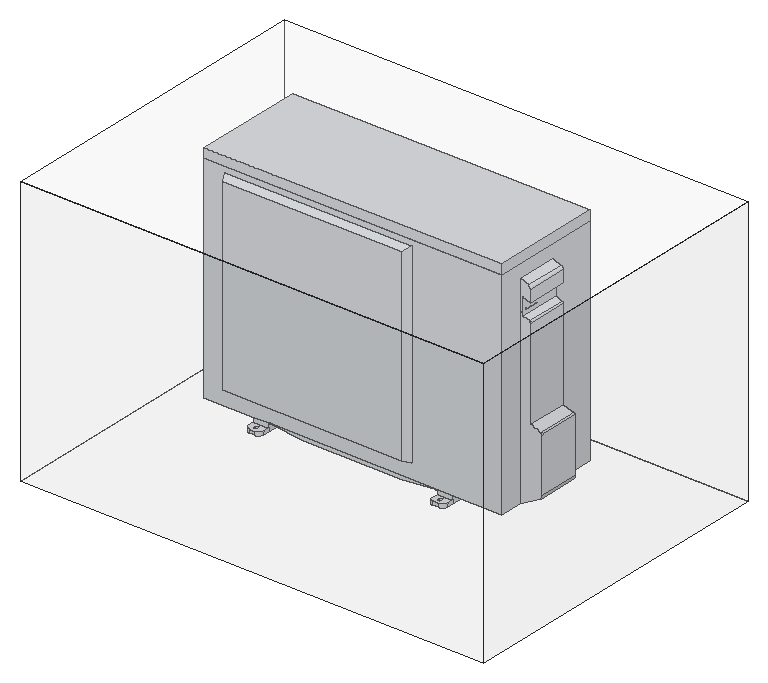
Revit family "puz-zrmp28_63ska13_60hz", category 機械設備, Revit 2019
Family settings
  丸型コネクタ寸法 = 直径を使用
  パーツ タイプ = 標準
  OmniClass 番号 = 23.75.10.24.21.27.27
  OmniClass タイトル = Split System Air Conditioning Units
  作業面ベース = いいえ
  常に垂直 = はい
  ロード時にボイドで切り取り = いいえ
  共有 = いいえ
  部屋計算ポイント = いいえ
Parameters (values of type "室外機_PUZ-ZRMP28KA13 (-BS,BSG)")
  音響パワーレベル（冷）(dB) = 64
  音響パワーレベル(dB) = 66
  電源種別 = ""
  電源位置Y = 61 mm
  電源位置Z = 497.7 mm
  電源位置X = 400 mm
  電圧 = 200 V
  電動機出力_送風機 = 0.04 kW
  電動機出力_圧縮機 = 0.5 kW
  集中コントローラ [instance] = ""
  運転質量 = 0.00 kg
  運転方法 = "冷暖切替"
  質量 = if(製品質量 > 運転質量, 製品質量, 運転質量) * 1.2  # 43.20 kg
  負荷分類 = 1_熱源類
  説明 = "空冷H/P PAC インバータ室外機"
  設計暖房能力 [instance] = 0 kW
  設計冷房能力_顕熱 [instance] = 0 kW
  設計冷房能力 [instance] = 0 kW
  設置方法 = "床置形"
  記号 [instance] = ""
  製造元 = "三菱電機株式会社"
  製品質量 = 36.00 kg
  製品出荷対象 = "国内"
  製品リリース年月 = ""
  製品グループ = ""
  系統 [instance] = ""
  符号 = "PAC"
  積算_科目 = "1 空気調和設備"
  積算_拾い区分 [instance] = ""
  相 = 3
  盤記号 [instance] = ""
  発停方法 = "付属スイッチ"
  特殊仕様 [instance] = ""
  消費電力_暖房 = 0 kW
  消費電力_冷房 = 0 kW
  消費電力 = if(消費電力_冷房 > 消費電力_暖房, 消費電力_冷房, 消費電力_暖房)  # 0 kW
  法定耐用年数 = "6"
  構成品番 = "PUZ-ZRMP28KA13 (-BS,-BSG)"
  極数 = 3
  材質 [instance] = ""
  本体マテリアル = none
  最小電線太さ_mm2 = 1.6
  最大電流値 = 0 A
  暖房能力 = 2.8 kW
  推奨ブレーカー容量 = 15 A
  据付ピッチ1 = 0 mm
  形式 = "パッケージ形 室外機"
  形名 = PUZ-ZRMP-1 : PUZ-ZRMP-1
  幹線記号 [instance] = ""
  始動方式 = "インバータ始動方式"
  呼称 = "パッケージ形空気調和機_室外機"
  周波数 = 60 Hz
  価格 = 0
  ドレン　位置Z = 8.5 mm
  ドレン　位置Y = 48.5 mm
  ドレン　位置X = 404.5 mm
  アンカーボルト位置Y = 330 mm
  アンカーボルト位置X = 500 mm
  参照している仕様書等のバージョン = "公共建築物標準仕様書（機械設備工事編）平成31年度版"
  分類コード = "50053003126100"
  分類グループ = ""
  冷房能力 = 2.5 kW
  冷媒管（ガス）位置X = 420 mm
  冷媒管（液）位置X = 420 mm
  冷媒管（液）位置Y = 153.75 mm
  冷媒管（ガス）位置Y = 153.75 mm
  冷媒管長 [instance] = 0 mm
  冷媒管径符号 = "Ac"
  冷媒管径 = 60.00 mm
  冷媒管位置Z = 158.95 mm
  冷媒管位置Y = (冷媒管（液）位置Y + 冷媒管（ガス）位置Y) / 2  # 153.75 mm
  冷媒管位置X = (冷媒管（液）位置X + 冷媒管（ガス）位置X) / 2  # 420 mm
  冷媒液管径 = 6.35 mm
  冷媒ガス管径 = 12.70 mm
  企業コード = "108420"
  付属品 [instance] = ""
  仕様書バージョン = "Version1.0"
  ユニット数 = 1
  ユニット3 = yes
  ユニット2 = yes
  Model = ""
  ドレン管径 = 42.00 mm
  サービススペース = yes
  コメント [instance] = ""
  ケーブル種類1 = ""
  【値が 0 の項目は組合せ形名にてご確認ください】 = ""
  Width = 809 mm
  Version = ""
  Uniclass2015Version = "Systems v1.9"
  Uniclass2015Title = "Split coil remote air cooled condensing units"
  Uniclass2015Code = "Pr_70_65_03_84"
  URL = "https://www.mitsubishielectric.co.jp/ldg/wink/ssl/top.do"
  SpecificationReference = ""
  SpecificationDescription = ""
  Revision = ""
  ProductInformation = ""
  OmniClassCode = "23-33 17 13 11"
  IfcTypeProduct = ""
  IfcProduct = ""
  IfcExportType = "AIRCONDITIONINGUNIT"
  IfcExportAs = "IfcUnitaryEquipmentType"
  Height = 630 mm
  Depth = 300 mm
  Clearance Top = 100 mm
  Clearance Right = 350 mm
  Clearance Left = 100 mm
  Clearance Front = 500 mm
  Clearance Bottom = 0 mm
  Clearance Back = 100 mm
  COP = 0
  Author = "三菱電機株式会社"
  APF = 0
Reference planes
  plane 1 "中心(正面/背面)": y = 74
  plane 2: z = 0
  plane 3 "中心(左/右)": x = 830
  plane 4 "右": x = 1234.5
  plane 5 "左": x = 425.5
  plane 6 "背面": y = 224
  plane 7 "正面": y = -76
  plane 8 "上部": z = 630
  plane 9 "Clearanse Top": z = 730
  plane 10 "SS_back": y = 324
  plane 11 "SS_front": y = -576
  plane 12 "SS_left": x = 325.5
  plane 13 "SS_right": x = 1584.5
  plane 14: z = 0
  plane 15: y = -15
  plane 16: x = 1230
  plane 17: z = 497.7
  plane 18: y = -13
  plane 19: y = 70.25
  plane 20: x = 1250
  plane 21: y = 175.5
  plane 22: x = 830
  plane 23: z = 10.5
  plane 24: z = 8.5
  plane 25: x = 580
  plane 26: x = 1080
  plane 27: y = 239
  plane 28: y = -91
Forms (mm)
  Extrusion 1, solid, detail levels fine
    sketch origin (0, -76, 0) x (1, 0, 0) y (0, 0, 1)
      loop
        circle (1230, 497.7) r 13.5
    from -63 to -61
  Extrusion 2, solid, detail levels fine
    sketch origin (-1437.329, -1524, 54) x (-1, 0, 0) y (0, -1, 0)
      loop
        circle (-2267.329, -1699.5) r 21
    from -45.5 to -43.5
  Sweep 3, solid, material <- "本体マテリアル", detail levels fine
    path origin (1250, 1296.25, 1200) x (0, 1, 0) y (0, 0, 1)
      loop
        line (-1226, -1041.05) -> (-1272.623, -1084.565)
    profile origin (1250, 46.939, 137.193) x (0, 0.682318, -0.731055) y (1, 0, 0)
      loop
        circle (0, 0) r 30
Lines and regions (mm)
  model lines, not visible
    curve 1: line (460, 178.667, 1289.179) -> (460, 297.73, 1289.179)
    curve 2: line (460, 178.667, 1056.056) -> (460, 178.667, 1289.179)
    curve 3: line (460, 297.73, 1056.056) -> (460, 178.667, 1056.056)
    curve 4: line (460, 297.73, 1289.179) -> (460, 297.73, 1056.056)
    curve 5: line (460, 47.598, 1289.179) -> (460, 166.661, 1289.179)
    curve 6: line (460, 47.598, 1056.056) -> (460, 47.598, 1289.179)
    curve 7: line (460, 166.661, 1056.056) -> (460, 47.598, 1056.056)
    curve 8: line (460, 166.661, 1289.179) -> (460, 166.661, 1056.056)
    curve 9: line (460, -83.471, 1289.179) -> (460, 35.592, 1289.179)
    curve 10: line (460, -83.471, 1056.056) -> (460, -83.471, 1289.179)
    curve 11: line (460, 35.592, 1056.056) -> (460, -83.471, 1056.056)
    curve 12: line (460, 35.592, 1289.179) -> (460, 35.592, 1056.056)
    curve 13: line (460, -150.779, 1289.179) -> (460, -95.75, 1289.179)
    curve 14: line (460, -150.779, 1056.056) -> (460, -150.779, 1289.179)
    curve 15: line (460, -95.75, 1056.056) -> (460, -150.779, 1056.056)
    curve 16: line (460, -95.75, 1289.179) -> (460, -95.75, 1056.056)
    curve 17: line (460, -150.779, 1283.175) -> (460, -132.596, 1283.175)
    curve 18: line (460, -150.779, 1062.059) -> (460, -150.779, 1283.175)
    curve 19: line (460, -132.596, 1062.059) -> (460, -150.779, 1062.059)
    curve 20: line (460, -132.596, 1283.175) -> (460, -132.596, 1062.059)
    curve 21: line (460, 178.667, 1046.051) -> (460, 297.73, 1046.051)
    curve 22: line (460, 178.667, 812.928) -> (460, 178.667, 1046.051)
    curve 23: line (460, 297.73, 812.928) -> (460, 178.667, 812.928)
    curve 24: line (460, 297.73, 1046.051) -> (460, 297.73, 812.928)
    curve 25: line (460, 47.598, 1046.051) -> (460, 166.661, 1046.051)
    curve 26: line (460, 47.598, 812.928) -> (460, 47.598, 1046.051)
    curve 27: line (460, 166.661, 812.928) -> (460, 47.598, 812.928)
    curve 28: line (460, 166.661, 1046.051) -> (460, 166.661, 812.928)
    curve 29: line (460, -83.471, 1046.051) -> (460, 35.592, 1046.051)
    curve 30: line (460, -83.471, 812.928) -> (460, -83.471, 1046.051)
    curve 31: line (460, 35.592, 812.928) -> (460, -83.471, 812.928)
    curve 32: line (460, 35.592, 1046.051) -> (460, 35.592, 812.928)
    curve 33: line (460, -150.779, 1046.051) -> (460, -95.75, 1046.051)
    curve 34: line (460, -150.779, 812.928) -> (460, -150.779, 1046.051)
    curve 35: line (460, -95.75, 812.928) -> (460, -150.779, 812.928)
    curve 36: line (460, -95.75, 1046.051) -> (460, -95.75, 812.928)
    curve 37: line (460, -150.779, 1040.048) -> (460, -132.596, 1040.048)
    curve 38: line (460, -150.779, 818.931) -> (460, -150.779, 1040.048)
    curve 39: line (460, -132.596, 818.931) -> (460, -150.779, 818.931)
    curve 40: line (460, -132.596, 1040.048) -> (460, -132.596, 818.931)
    curve 41: line (460, 178.667, 802.923) -> (460, 297.73, 802.923)
    curve 42: line (460, 178.667, 569.8) -> (460, 178.667, 802.923)
    curve 43: line (460, 297.73, 569.8) -> (460, 178.667, 569.8)
    curve 44: line (460, 297.73, 802.923) -> (460, 297.73, 569.8)
    curve 45: line (460, 47.598, 802.923) -> (460, 166.661, 802.923)
    curve 46: line (460, 47.598, 569.8) -> (460, 47.598, 802.923)
    curve 47: line (460, 166.661, 569.8) -> (460, 47.598, 569.8)
    curve 48: line (460, 166.661, 802.923) -> (460, 166.661, 569.8)
    curve 49: line (460, -83.471, 802.923) -> (460, 35.592, 802.923)
    curve 50: line (460, -83.471, 569.8) -> (460, -83.471, 802.923)
    curve 51: line (460, 35.592, 569.8) -> (460, -83.471, 569.8)
    curve 52: line (460, 35.592, 802.923) -> (460, 35.592, 569.8)
    curve 53: line (460, -150.779, 802.923) -> (460, -95.75, 802.923)
    curve 54: line (460, -150.779, 569.8) -> (460, -150.779, 802.923)
    curve 55: line (460, -95.75, 569.8) -> (460, -150.779, 569.8)
    curve 56: line (460, -95.75, 802.923) -> (460, -95.75, 569.8)
    curve 57: line (460, -150.779, 796.92) -> (460, -132.596, 796.92)
    curve 58: line (460, -150.779, 575.803) -> (460, -150.779, 796.92)
    curve 59: line (460, -132.596, 575.803) -> (460, -150.779, 575.803)
    curve 60: line (460, -132.596, 796.92) -> (460, -132.596, 575.803)
    curve 61: line (460, 178.667, 559.795) -> (460, 297.73, 559.795)
    curve 62: line (460, 178.667, 326.672) -> (460, 178.667, 559.795)
    curve 63: line (460, 297.73, 326.672) -> (460, 178.667, 326.672)
    curve 64: line (460, 297.73, 559.795) -> (460, 297.73, 326.672)
    curve 65: line (460, 47.598, 559.795) -> (460, 166.661, 559.795)
    curve 66: line (460, 47.598, 326.672) -> (460, 47.598, 559.795)
    curve 67: line (460, 166.661, 326.672) -> (460, 47.598, 326.672)
    curve 68: line (460, 166.661, 559.795) -> (460, 166.661, 326.672)
    curve 69: line (460, -83.471, 559.795) -> (460, 35.592, 559.795)
    curve 70: line (460, -83.471, 326.672) -> (460, -83.471, 559.795)
    curve 71: line (460, 35.592, 326.672) -> (460, -83.471, 326.672)
    curve 72: line (460, 35.592, 559.795) -> (460, 35.592, 326.672)
    curve 73: line (460, -150.779, 559.795) -> (460, -95.75, 559.795)
    curve 74: line (460, -150.779, 326.672) -> (460, -150.779, 559.795)
    curve 75: line (460, -95.75, 326.672) -> (460, -150.779, 326.672)
    curve 76: line (460, -95.75, 559.795) -> (460, -95.75, 326.672)
    curve 77: line (460, -150.779, 553.792) -> (460, -132.596, 553.792)
    curve 78: line (460, -150.779, 332.675) -> (460, -150.779, 553.792)
    curve 79: line (460, -132.596, 332.675) -> (460, -150.779, 332.675)
    curve 80: line (460, -132.596, 553.792) -> (460, -132.596, 332.675)
    curve 81: line (460, 178.667, 316.667) -> (460, 297.73, 316.667)
    curve 82: line (460, 178.667, 83.544) -> (460, 178.667, 316.667)
    curve 83: line (460, 297.73, 83.544) -> (460, 178.667, 83.544)
    curve 84: line (460, 297.73, 316.667) -> (460, 297.73, 83.544)
    curve 85: line (460, 47.598, 316.667) -> (460, 166.661, 316.667)
    curve 86: line (460, 47.598, 83.544) -> (460, 47.598, 316.667)
    curve 87: line (460, 166.661, 83.544) -> (460, 47.598, 83.544)
    curve 88: line (460, 166.661, 316.667) -> (460, 166.661, 83.544)
    curve 89: line (460, -83.471, 316.667) -> (460, 35.592, 316.667)
    curve 90: line (460, -83.471, 83.544) -> (460, -83.471, 316.667)
    curve 91: line (460, 35.592, 83.544) -> (460, -83.471, 83.544)
    curve 92: line (460, 35.592, 316.667) -> (460, 35.592, 83.544)
    curve 93: line (460, -150.779, 316.667) -> (460, -95.75, 316.667)
    curve 94: line (460, -150.779, 83.544) -> (460, -150.779, 316.667)
    curve 95: line (460, -95.75, 83.544) -> (460, -150.779, 83.544)
    curve 96: line (460, -95.75, 316.667) -> (460, -95.75, 83.544)
    curve 97: line (460, -150.779, 310.664) -> (460, -132.596, 310.664)
    curve 98: line (460, -150.779, 89.547) -> (460, -150.779, 310.664)
    curve 99: line (460, -132.596, 89.547) -> (460, -150.779, 89.547)
    curve 100: line (460, -132.596, 310.664) -> (460, -132.596, 89.547)
Dimensions and locks
  equal spacing: plane 7 "正面", plane 1 "中心(正面/背面)", plane 6 "背面"
  "Depth": plane 7 "正面" to plane 6 "背面"
  "Width": plane 5 "左" to plane 4 "右"
  equal spacing: plane 5 "左", plane 3 "中心(左/右)", plane 4 "右"
  "Clearance Left": plane 12 "SS_left" to plane 5 "左"
  "Clearance Right": plane 4 "右" to plane 13 "SS_right"
  "Clearance Back": plane 6 "背面" to plane 10 "SS_back"
  "Clearance Front": plane 11 "SS_front" to plane 7 "正面"
  "Height": plane 8 "上部" to level
  "Clearance Top": plane 9 "Clearanse Top" to plane 8 "上部"
  "Clearance Bottom": level to plane 14
  "電源位置X": plane 3 "中心(左/右)" to plane 16
  "電源位置Y": plane 7 "正面" to plane 15
  "電源位置Z": plane 17 to level
  locked: plane 15 to plane 18 at 2
  "冷媒管位置X": plane 3 "中心(左/右)" to plane 20
  "冷媒管位置Y": plane 19 to plane 6 "背面"
  "ドレン　位置X": plane 5 "左" to plane 22
  "ドレン　位置Y": plane 21 to plane 6 "背面"
  locked: plane 23 to plane 24 at 2
  "ドレン　位置Z": plane 24 to level
  equal spacing: plane 28, plane 1 "中心(正面/背面)", plane 27
  "アンカーボルト位置Y": plane 28 to plane 27
  equal spacing: plane 25, plane 3 "中心(左/右)", plane 26
  "アンカーボルト位置X": plane 25 to plane 26
  radius of Extrusion 1 sketch curve = 13.5 mm
  "ドレン管径": diameter of Extrusion 2 sketch curve
  "冷媒管径": diameter of Sweep 3 sketch curve
  aligned and locked: level to plane 2
  aligned and locked: plane 10 "SS_back" to nested 1  (x2)
  aligned and locked: plane 13 "SS_right" to nested 1
  aligned and locked: plane 12 "SS_left" to nested 1  (x2)
  aligned and locked: nested 1 to plane 13 "SS_right"
  aligned and locked: plane 11 "SS_front" to nested 1
  aligned and locked: plane 9 "Clearanse Top" to nested 1
  aligned and locked: plane 1 "中心(正面/背面)" to nested 2
  aligned and locked: plane 3 "中心(左/右)" to nested 2
  aligned and locked: plane 14 to nested 1
  aligned and locked: plane 17 to Extrusion 1 sketch curve
  aligned and locked: plane 16 to Extrusion 1 sketch curve
  aligned and locked: Extrusion 1 to plane 18
  aligned and locked: plane 15 to Extrusion 1
  aligned and locked: plane 22 to Extrusion 2 sketch curve
  aligned and locked: plane 21 to Extrusion 2 sketch curve
  aligned and locked: plane 23 to Extrusion 2
  aligned and locked: Extrusion 2 to plane 24
  aligned and locked: plane 25 to nested 3
  aligned and locked: plane 27 to nested 3
Automatic sketch dimensions
  Sweep 3 sketch curve to plane 18 = 36.627 mm
  plane 1 "中心(正面/背面)" to Sweep 3 sketch curve = 3.75 mm
  plane 23 to Sweep 3 sketch curve = 104.935 mm
  Sweep 3 sketch curve to Sweep 3 sketch curve = 43.515 mm
  Sweep 3 sketch curve to plane 20 = 0 mm
  Sweep 3 sketch curve to profile plane = 0 mm
Nested families
  nested 1: "サービススペース" at (955, -126, 365), visible <- "サービススペース", type "サービススペース"
    with Width 1259 mm, Height 730 mm, Depth 900 mm
  nested 2: "PUZ-ZRMP-1" at (830, 74, 0), type <- "形名", type "PUZ-ZRMP-1"
  nested 3: "固定点" at (580, -91, 0), type "固定点"
    with 中心円 10 mm, W 500 mm, D 330 mm
Connectors
  electrical at (1230, -15, 497.7), driven by "極数", driven by "負荷分類", driven by "電圧", driven by "消費電力"
    settings: on Extrusion 1, index 2, voltage 200 V, apparent load 0 VA, apparent load phase1 0 VA, apparent load phase2 0 VA, apparent load phase3 0 VA, power factor 1, load classification "1_熱源類", number of poles 3, system type 30, power factor state 1, is connector primary yes, connector utility no, sub classification motor no, connector description ""
  piping at (1250, 70.25, 158.95), diameter 60, driven by "冷媒管径", driven by "冷媒管径符号"
    settings: on Sweep 3, index 3, connector inside diameter 609.60 mm, connector length 0 mm, flow factor 0, pipe flow 0.0 L/s, pressure drop 0.0 Pa, fitting loss kfactor 0, connector angle 0.00°, fixture units 0, engagement length 0 mm, angle of deflection 0.00°, flow configuration 1, flow direction 2, fitting loss method 4, system type 7, joint type 0, gender type 0, connector reference index -1, connector utility 0, adjustable connector no, is connector primary yes, connector description "Ac"
Definition of nested family "サービススペース"
  Parameters (values of type "サービススペース")
    Width [instance] = 500 mm
    Height [instance] = 500 mm
    Depth [instance] = 500 mm
  Reference planes
    plane 1 "中心(正面/背面)": y = 0
    plane 2: z = 0
    plane 3 "中心(左/右)": x = 0
    plane 4: y = -250
    plane 5: x = 250
    plane 6: y = 250
    plane 7: x = -250
    plane 8: z = 250
    plane 9: z = -250
  Forms (mm)
    Extrusion 1, solid
      sketch origin (-638.939, 0, 72.39) x (1, 0, 0) y (0, 1, 0)
        loop
          line (388.939, 250) -> (388.939, -250) -> (888.939, -250) -> (888.939, 250) -> (388.939, 250)
      from -322.39 to 177.61
  Lines and regions (mm)
    symbolic lines
      curve 1: line (-250, 0, 250) -> (250, 0, 250)
      curve 2: line (-250, 0, -250) -> (-250, 0, 250)
      curve 3: line (250, 0, -250) -> (-250, 0, -250)
      curve 4: line (250, 0, 250) -> (250, 0, -250)
      curve 5: line (0, -250, 250) -> (0, 250, 250)
      curve 6: line (0, -250, -250) -> (0, -250, 250)
      curve 7: line (0, 250, -250) -> (0, -250, -250)
      curve 8: line (0, 250, 250) -> (0, 250, -250)
      curve 9: line (-250, 250, 0) -> (250, 250, 0)
      curve 10: line (-250, -250, 0) -> (-250, 250, 0)
      curve 11: line (250, -250, 0) -> (-250, -250, 0)
      curve 12: line (250, 250, 0) -> (250, -250, 0)
  Dimensions and locks
    equal spacing: plane 7, plane 3 "中心(左/右)", plane 5
    equal spacing: plane 4, plane 1 "中心(正面/背面)", plane 6
    "Depth": plane 4 to plane 6
    "Width": plane 7 to plane 5
    equal spacing: plane 8, plane 2, plane 9
    "Height": plane 8 to plane 9
    aligned and locked: plane 9 to curve 3
    aligned and locked: plane 7 to curve 2
    aligned and locked: curve 4 to plane 5
    aligned and locked: plane 5 to Extrusion 1
    aligned and locked: Extrusion 1 to plane 7
    aligned and locked: Extrusion 1 to plane 9
    aligned and locked: plane 8 to Extrusion 1
    aligned and locked: plane 9 to curve 7
  Automatic sketch dimensions
    plane 4 to Extrusion 1 sketch curve = 0 mm
    Extrusion 1 sketch curve to plane 7 = 0 mm
    Extrusion 1 sketch curve to plane 5 = 0 mm
    plane 6 to Extrusion 1 sketch curve = 0 mm
    curve 2 to plane 8 = 0 mm
    plane 4 to curve 11 = 0 mm
    curve 11 to plane 7 = 0 mm
    curve 11 to plane 5 = 0 mm
    plane 6 to curve 10 = 0 mm
    curve 7 to plane 4 = 0 mm
    curve 7 to plane 6 = 0 mm
    curve 6 to plane 8 = 0 mm
Definition of nested family "PUZ-ZRMP-1"
  Parameters (values of type "PUZ-ZRMP-1")
    配線取出口サイズ = 27 mm
    配線取出口-Z = 497.7 mm
    配線取出口-Y = 239 mm
    配線取出口-X = 400 mm
    液配管サイズ = 50 mm
    高さ = 630 mm
    換気-W = 310 mm
    換気-H2 = 632 mm
    換気-H1 = 325 mm
    換気-D = 20 mm
    奥行き = 300 mm
    吊りボルト_H = 0 mm
    吊りボルト-φ = 10 mm
    冷媒配管サイズ = 6.35 mm
    冷媒液管径-Z = 164.5 mm
    冷媒液管径-Y = 185.5 mm
    冷媒液管径-X = 420 mm
    冷媒ガス管径-Z = 99.5 mm
    冷媒ガス管径-Y = 185.5 mm
    冷媒ガス管径-X = 420 mm
    吊りボルト-W = 500 mm
    マテリアル = none
    ドレン配管サイズ = 42 mm
    ドレン管径-Z = 0 mm
    ドレン管径-Y = 251.5 mm
    ドレン管径-X = 404.5 mm
    タイプ3 = no
    タイプ2 = no
    タイプ1 = yes
    ガス配管サイズ = 12.7 mm
    吊りボルト-D = 330 mm
    幅さ = 809 mm
    a = 600 mm
  Reference planes
    plane 1 "中心(正面/背面)": y = 0
    plane 2: z = 0
    plane 3 "中心(左/右)": x = 0
    plane 4: z = 630
    plane 5: x = -404.5
    plane 6: x = 404.5
    plane 7: y = 150
    plane 8: y = -150
    plane 9: x = 466.5
    plane 10: y = -90
    plane 11: y = 20
    plane 12: z = 605
    plane 13: x = -424.5
    plane 14: x = -250
    plane 15: x = 250
    plane 16: y = 165
    plane 17: y = -165
    plane 18: x = 270
    plane 19: x = 230
    plane 20: x = -230
    plane 21: x = -270
    plane 22: y = 180
    plane 23: y = -180
    plane 24: z = 8.5
    plane 25: z = 20
    plane 26: z = 11.5
    plane 27: x = -135
    plane 28: x = 135
    plane 29: z = 625
    plane 30: y = -40
    plane 31: y = 40
    plane 32: y = -30
    plane 33: y = 30
    plane 34: z = 610
    plane 35: z = 55
    plane 36: z = 225
    plane 37: z = 570
    plane 38: x = 414.5
    plane 39: x = 435.5
    plane 40: y = -170
    plane 41: x = -94.5
    plane 42: z = 325
    plane 43: x = 159.5
    plane 44: x = -348.5
    plane 45: z = 589
    plane 46: z = 61
    plane 47: x = -338.5
    plane 48: x = 149.5
    plane 49: z = 579
    plane 50: z = 71
    plane 51: y = 100
    plane 52: y = -100
    plane 53: x = 0
    plane 54: y = 101.5
    plane 55: x = 420
    plane 56: x = 400
    plane 57: y = -89
    plane 58: y = -35.5
    plane 59: y = -35.5
    plane 60: x = 420
    plane 61: z = 99.5
    plane 62: z = 164.5
    plane 63: z = 497.7
    plane 64: y = -39
    plane 65: z = 137.3
    plane 66: z = 180.6
    plane 67: x = 420
    plane 68: y = -35.5
    plane 69 "グループ": x = -600
    plane 70: z = 1338
    plane 71: z = 943
    plane 72: z = 957
    plane 73: z = 1221
    plane 74: z = 693
    plane 75: z = 1211
    plane 76: z = 703
    plane 77: y = -12.5
    plane 78: y = 5
    plane 79: y = -3.75
  Forms (mm)
    Extrusion 1, solid, visible <- "タイプ1", detail levels fine
      sketch origin (-1437.329, -1524, 630) x (-1, 0, 0) y (0, -1, 0)
        loop
          line (-1167.329, -1674) -> (-1167.329, -1374) -> (-1207.329, -1374) -> (-1207.329, -1674) -> (-1167.329, -1674)
        loop
          line (-1667.329, -1674) -> (-1667.329, -1374) -> (-1707.329, -1374) -> (-1707.329, -1674) -> (-1667.329, -1674)
      from -630 to -610
    Extrusion 2, solid, material <- "マテリアル", visible <- "タイプ1", detail levels fine
      sketch origin (0, 0, 0) x (1, 0, 0) y (0, 0, 1)
        loop
          line (-230, 20) -> (-135, 11.5) -> (135, 11.5) -> (230, 20) -> (-230, 20)
      from -150 to 150
    Extrusion 3, solid, material <- "マテリアル", visible <- "タイプ1", detail levels fine
      sketch origin (-1437.329, -1524, 630) x (-1, 0, 0) y (0, -1, 0)
        loop
          circle (-1437.329, -1625.5) r 21
      from -621.5 to -618.5
    Extrusion 4, solid, material <- "マテリアル", visible <- "タイプ1", detail levels fine
      sketch origin (-1437.329, -1524, 630) x (-1, 0, 0) y (0, -1, 0)
        loop
          line (-1841.829, -1674) -> (-1032.829, -1674) -> (-1032.829, -1374) -> (-1841.829, -1374) -> (-1841.829, -1674)
      from -610 to -25
    Extrusion 5, solid, material <- "マテリアル", visible <- "タイプ1", detail levels fine
      sketch origin (-1437.329, -1524, 630) x (-1, 0, 0) y (0, -1, 0)
        loop
          line (-1032.829, -1674) -> (-1032.829, -1374) -> (-1841.829, -1374) -> (-1841.829, -1674) -> (-1032.829, -1674)
      from -25 to 0
    Blend 6, solid, material <- "マテリアル", visible <- "タイプ1", detail levels fine
      base sketch origin (0, 0, 0) x (0, 1, 0) y (0, 0, 1)
        loop
          line (40, 625) -> (-40, 625) -> (-40, 605) -> (40, 605) -> (40, 625)
      top sketch origin (0, 0, 0) x (0, 1, 0) y (0, 0, 1)
        loop
          line (30, 610) -> (-30, 610) -> (-30, 605) -> (30, 605) -> (30, 610)
      from -404.5 to -424.5
    Extrusion 7, solid, material <- "マテリアル", visible <- "タイプ1", detail levels fine
      sketch origin (0, 0, 0) x (1, 0, 0) y (0, 0, 1)
        loop
          line (404.5, 570) -> (404.5, 20) -> (461.416, 52.13)
          arc (461.416, 52.13) -> (465.136, 55.796) -> (466.5, 60.838) r 10
          line (466.5, 60.838) -> (466.5, 210.216)
          arc (466.5, 210.216) -> (465.596, 213.084) -> (463.21, 214.914) r 5
          line (463.21, 214.914) -> (435.5, 225) -> (435.5, 470.082)
          arc (435.5, 470.082) -> (434.596, 472.95) -> (432.21, 474.78) r 5
          line (432.21, 474.78) -> (414.5, 481.226) -> (414.5, 529.114) -> (435.5, 521.471) -> (435.5, 551.715)
          arc (435.5, 551.715) -> (433.692, 557.451) -> (428.92, 561.112) r 10
          line (428.92, 561.112) -> (404.5, 570)
      from -20 to 90
    Blend 8, solid, material <- "マテリアル", visible <- "タイプ1", detail levels fine
      base sketch origin (0, 0, 0) x (1, 0, 0) y (0, 0, 1)
        loop
          line (-348.5, 589) -> (-348.5, 61) -> (159.5, 61) -> (159.5, 589) -> (-348.5, 589)
      top sketch origin (0, 0, 0) x (1, 0, 0) y (0, 0, 1)
        loop
          line (-338.5, 579) -> (-338.5, 71) -> (149.5, 71) -> (149.5, 579) -> (-338.5, 579)
      from 150 to 170
    Extrusion 9, solid, material <- "マテリアル", visible <- "タイプ1", detail levels fine
      sketch origin (1480.036, -170, 1200) x (1, 0, 0) y (0, 0, 1)
        loop
          circle (-1080.036, -702.3) r 13.5
      from -131 to -81
    Extrusion 10, solid, visible <- "タイプ1", detail levels fine
      sketch origin (-1437.329, -1524, 630) x (-1, 0, 0) y (0, -1, 0)
        loop
          line (-1167.329, -1704) -> (-1167.329, -1674) -> (-1207.329, -1674) -> (-1207.329, -1704) -> (-1192.329, -1704) -> (-1192.329, -1689)
          arc (-1192.329, -1689) -> (-1187.329, -1684) -> (-1182.329, -1689) r 5
          line (-1182.329, -1689) -> (-1182.329, -1704) -> (-1167.329, -1704)
        loop
          line (-1667.329, -1704) -> (-1667.329, -1674) -> (-1707.329, -1674) -> (-1707.329, -1704) -> (-1692.329, -1704) -> (-1692.329, -1689)
          arc (-1692.329, -1689) -> (-1687.329, -1684) -> (-1682.329, -1689) r 5
          line (-1682.329, -1689) -> (-1682.329, -1704) -> (-1667.329, -1704)
        loop
          line (-1667.329, -1374) -> (-1667.329, -1354)
          arc (-1667.329, -1354) -> (-1670.258, -1346.929) -> (-1677.329, -1344) r 10
          line (-1677.329, -1344) -> (-1694.129, -1344)
          arc (-1694.129, -1344) -> (-1703.463, -1347.866) -> (-1707.329, -1357.2) r 13.2
          line (-1707.329, -1357.2) -> (-1707.329, -1374) -> (-1667.329, -1374)
        loop
          line (-1167.329, -1374) -> (-1167.329, -1357.2)
          arc (-1167.329, -1357.2) -> (-1171.196, -1347.866) -> (-1180.529, -1344) r 13.2
          line (-1180.529, -1344) -> (-1194.129, -1344)
          arc (-1194.129, -1344) -> (-1203.463, -1347.866) -> (-1207.329, -1357.2) r 13.2
          line (-1207.329, -1357.2) -> (-1207.329, -1374) -> (-1167.329, -1374)
        loop
          arc (-1192.329, -1359) -> (-1187.329, -1364) -> (-1182.329, -1359) r 5
          line (-1182.329, -1359) -> (-1182.329, -1357.2)
          arc (-1182.329, -1357.2) -> (-1187.329, -1352.2) -> (-1192.329, -1357.2) r 5
          line (-1192.329, -1357.2) -> (-1192.329, -1359)
        loop
          arc (-1692.329, -1359) -> (-1687.329, -1364) -> (-1682.329, -1359) r 5
          line (-1682.329, -1359) -> (-1682.329, -1357.2)
          arc (-1682.329, -1357.2) -> (-1687.329, -1352.2) -> (-1692.329, -1357.2) r 5
          line (-1692.329, -1357.2) -> (-1692.329, -1359)
      from -621.5 to -630
    Sweep 11, solid, material <- "マテリアル", visible <- "タイプ1", detail levels fine
      path origin (420, 1296.25, 1200) x (0, 1, 0) y (0, 0, 1)
        loop
          line (-1331.75, -1035.5) -> (-1308.75, -1019.4)
      profile origin (420, -24, 172.55) x (0, -0.573462, 0.819232) y (1, 0, 0)
        loop
          circle (0, 0) r 3.175
    Sweep 12, solid, material <- "マテリアル", visible <- "タイプ1", detail levels fine
      path origin (420, 1296.25, 1200) x (0, 1, 0) y (0, 0, 1)
        loop
          line (-1331.75, -1100.5) -> (-1291.25, -1062.7)
      profile origin (420, -15.25, 118.4) x (0, -0.682318, 0.731055) y (1, 0, 0)
        loop
          circle (0, 0) r 6.35
  Lines and regions (mm)
    Masking region 1, visible <- "タイプ1", detail levels coarse+medium
      outline origin (-1437.329, -1524, 630) x (-1, 0, 0) y (0, -1, 0)
        loop
          line (-1841.829, -1674) -> (-1707.329, -1674) -> (-1707.329, -1704) -> (-1667.329, -1704) -> (-1667.329, -1674) -> (-1207.329, -1674) -> (-1207.329, -1704) -> (-1167.329, -1704) -> (-1167.329, -1674) -> (-1032.829, -1674) -> (-1032.829, -1564) -> (-1012.829, -1554) -> (-1012.829, -1494) -> (-1032.829, -1484) -> (-1032.829, -1374) -> (-1088.829, -1374) -> (-1098.829, -1354) -> (-1164.523, -1354)
          arc (-1164.523, -1354) -> (-1169.205, -1346.796) -> (-1177.329, -1344) r 13.2
          line (-1177.329, -1344) -> (-1193.997, -1344)
          arc (-1193.997, -1344) -> (-1202.121, -1346.796) -> (-1206.804, -1354) r 13.2
          line (-1206.804, -1354) -> (-1586.829, -1354) -> (-1596.829, -1374) -> (-1667.329, -1374) -> (-1667.329, -1354)
          arc (-1667.329, -1354) -> (-1670.258, -1346.929) -> (-1677.329, -1344) r 10
          line (-1677.329, -1344) -> (-1694.129, -1344)
          arc (-1694.129, -1344) -> (-1703.463, -1347.866) -> (-1707.329, -1357.2) r 13.2
          line (-1707.329, -1357.2) -> (-1707.329, -1374) -> (-1841.829, -1374) -> (-1841.829, -1434) -> (-1903.829, -1434) -> (-1903.829, -1544) -> (-1841.829, -1544) -> (-1841.829, -1674)
    model lines, visible <- "タイプ1", detail levels fine
      curve 1: line (324.5, 100, 630) -> (-324.5, 100, 630)
      curve 2: line (-324.5, -100, 630) -> (324.5, -100, 630)
      curve 3: line (-324.5, -40, 630) -> (324.5, -40, 630)
      curve 4: line (324.5, 40, 630) -> (-324.5, 40, 630)
      curve 5: line (-324.5, -30, 630) -> (324.5, -30, 630)
      curve 6: line (324.5, 30, 630) -> (-324.5, 30, 630)
      curve 7: line (-324.5, 100, 630) -> (-324.5, 40, 630)
      curve 8: line (324.5, -100, 630) -> (324.5, -40, 630)
      curve 9: line (-324.5, 30, 630) -> (-324.5, -30, 630)
      curve 10: line (-324.5, -40, 630) -> (-324.5, -100, 630)
      curve 11: line (324.5, -30, 630) -> (324.5, 30, 630)
      curve 12: line (324.5, 40, 630) -> (324.5, 100, 630)
      curve 13: line (354.5, -100, 630) -> (354.5, 100, 630)
      curve 14: line (339.5, -100, 630) -> (339.5, 100, 630)
      curve 15: line (-354.5, 100, 630) -> (-354.5, -100, 630)
      curve 16: line (-339.5, 100, 630) -> (-339.5, -100, 630)
      curve 17: line (-339.5, 100, 630) -> (-354.5, 100, 630)
      curve 18: line (-339.5, -100, 630) -> (-354.5, -100, 630)
      curve 19: line (339.5, 100, 630) -> (354.5, 100, 630)
      curve 20: line (339.5, -100, 630) -> (354.5, -100, 630)
      curve 21: line (-338.5, -170, 372.5) -> (149.5, -170, 372.5)
      curve 22: line (149.5, -170, 277.5) -> (-338.5, -170, 277.5)
      curve 23: line (-338.5, -170, 467.5) -> (149.5, -170, 467.5)
      curve 24: line (-338.5, -170, 562.5) -> (149.5, -170, 562.5)
      curve 25: line (149.5, -170, 182.5) -> (-338.5, -170, 182.5)
      curve 26: line (149.5, -170, 87.5) -> (-338.5, -170, 87.5)
      curve 27: line (-321.071, -170, 579) -> (-321.071, -170, 71)
      curve 28: line (132.071, -170, 71) -> (132.071, -170, 579)
      curve 29: line (-303.643, -170, 579) -> (-303.643, -170, 71)
      curve 30: line (-286.214, -170, 579) -> (-286.214, -170, 71)
      curve 31: line (-268.786, -170, 579) -> (-268.786, -170, 71)
      curve 32: line (-251.357, -170, 579) -> (-251.357, -170, 71)
      curve 33: line (-233.929, -170, 579) -> (-233.929, -170, 71)
      curve 34: line (-216.5, -170, 579) -> (-216.5, -170, 71)
      curve 35: line (-199.071, -170, 579) -> (-199.071, -170, 71)
      curve 36: line (-181.643, -170, 579) -> (-181.643, -170, 71)
      curve 37: line (-164.214, -170, 579) -> (-164.214, -170, 71)
      curve 38: line (-146.786, -170, 579) -> (-146.786, -170, 71)
      curve 39: line (-129.357, -170, 579) -> (-129.357, -170, 71)
      curve 40: line (-111.929, -170, 579) -> (-111.929, -170, 71)
      curve 41: line (-94.5, -170, 579) -> (-94.5, -170, 71)
      curve 42: line (-77.071, -170, 579) -> (-77.071, -170, 71)
      curve 43: line (-59.643, -170, 579) -> (-59.643, -170, 71)
      curve 44: line (-42.214, -170, 579) -> (-42.214, -170, 71)
      curve 45: line (-24.786, -170, 579) -> (-24.786, -170, 71)
      curve 46: line (-7.357, -170, 579) -> (-7.357, -170, 71)
      curve 47: line (10.071, -170, 579) -> (10.071, -170, 71)
      curve 48: line (27.5, -170, 579) -> (27.5, -170, 71)
      curve 49: line (44.929, -170, 579) -> (44.929, -170, 71)
      curve 50: line (62.357, -170, 579) -> (62.357, -170, 71)
      curve 51: line (79.786, -170, 579) -> (79.786, -170, 71)
      curve 52: line (97.214, -170, 579) -> (97.214, -170, 71)
      curve 53: line (114.643, -170, 579) -> (114.643, -170, 71)
      curve 54: line (-404.5, -10, 574) -> (-404.5, -10, 584)
      curve 55: line (-404.5, -100, 584) -> (-404.5, -100, 574)
      curve 56: line (-404.5, 100, 584) -> (-404.5, 100, 574)
      curve 57: line (-404.5, 10, 584) -> (-404.5, 10, 574)
      curve 58: line (-404.5, 95, 589) -> (-404.5, 15, 589)
      curve 59: line (-404.5, -15, 589) -> (-404.5, -95, 589)
      curve 60: line (-404.5, -15, 569) -> (-404.5, -95, 569)
      curve 61: line (-404.5, 95, 569) -> (-404.5, 15, 569)
      curve 62: arc (-404.5, 100, 584) -> (-404.5, 98.536, 587.536) -> (-404.5, 95, 589) r 5
      curve 63: arc (-404.5, 95, 569) -> (-404.5, 98.536, 570.464) -> (-404.5, 100, 574) r 5
      curve 64: arc (-404.5, 10, 584) -> (-404.5, 11.464, 587.536) -> (-404.5, 15, 589) r 5
      curve 65: arc (-404.5, 10, 574) -> (-404.5, 11.464, 570.464) -> (-404.5, 15, 569) r 5
      curve 66: arc (-404.5, -10, 584) -> (-404.5, -11.464, 587.536) -> (-404.5, -15, 589) r 5
      curve 67: arc (-404.5, -15, 569) -> (-404.5, -11.464, 570.464) -> (-404.5, -10, 574) r 5
      curve 68: arc (-404.5, -95, 589) -> (-404.5, -98.536, 587.536) -> (-404.5, -100, 584) r 5
      curve 69: arc (-404.5, -100, 574) -> (-404.5, -98.536, 570.464) -> (-404.5, -95, 569) r 5
      curve 70: line (-404.5, -10, 544) -> (-404.5, -10, 554)
      curve 71: line (-404.5, -100, 554) -> (-404.5, -100, 544)
      curve 72: line (-404.5, 100, 554) -> (-404.5, 100, 544)
      curve 73: line (-404.5, 10, 554) -> (-404.5, 10, 544)
      curve 74: line (-404.5, 95, 559) -> (-404.5, 15, 559)
      curve 75: line (-404.5, -15, 559) -> (-404.5, -95, 559)
      curve 76: line (-404.5, -15, 539) -> (-404.5, -95, 539)
      curve 77: line (-404.5, 95, 539) -> (-404.5, 15, 539)
      curve 78: arc (-404.5, 100, 554) -> (-404.5, 98.536, 557.536) -> (-404.5, 95, 559) r 5
      curve 79: arc (-404.5, 95, 539) -> (-404.5, 98.536, 540.464) -> (-404.5, 100, 544) r 5
      curve 80: arc (-404.5, 10, 554) -> (-404.5, 11.464, 557.536) -> (-404.5, 15, 559) r 5
      curve 81: arc (-404.5, 10, 544) -> (-404.5, 11.464, 540.464) -> (-404.5, 15, 539) r 5
      curve 82: arc (-404.5, -10, 554) -> (-404.5, -11.464, 557.536) -> (-404.5, -15, 559) r 5
      curve 83: arc (-404.5, -15, 539) -> (-404.5, -11.464, 540.464) -> (-404.5, -10, 544) r 5
      curve 84: arc (-404.5, -95, 559) -> (-404.5, -98.536, 557.536) -> (-404.5, -100, 554) r 5
      curve 85: arc (-404.5, -100, 544) -> (-404.5, -98.536, 540.464) -> (-404.5, -95, 539) r 5
      curve 86: line (-404.5, -10, 514) -> (-404.5, -10, 524)
      curve 87: line (-404.5, -100, 524) -> (-404.5, -100, 514)
      curve 88: line (-404.5, 100, 524) -> (-404.5, 100, 514)
      curve 89: line (-404.5, 10, 524) -> (-404.5, 10, 514)
      curve 90: line (-404.5, 95, 529) -> (-404.5, 15, 529)
      curve 91: line (-404.5, -15, 529) -> (-404.5, -95, 529)
      curve 92: line (-404.5, -15, 509) -> (-404.5, -95, 509)
      curve 93: line (-404.5, 95, 509) -> (-404.5, 15, 509)
      curve 94: arc (-404.5, 100, 524) -> (-404.5, 98.536, 527.536) -> (-404.5, 95, 529) r 5
      curve 95: arc (-404.5, 95, 509) -> (-404.5, 98.536, 510.464) -> (-404.5, 100, 514) r 5
      curve 96: arc (-404.5, 10, 524) -> (-404.5, 11.464, 527.536) -> (-404.5, 15, 529) r 5
      curve 97: arc (-404.5, 10, 514) -> (-404.5, 11.464, 510.464) -> (-404.5, 15, 509) r 5
      curve 98: arc (-404.5, -10, 524) -> (-404.5, -11.464, 527.536) -> (-404.5, -15, 529) r 5
      curve 99: arc (-404.5, -15, 509) -> (-404.5, -11.464, 510.464) -> (-404.5, -10, 514) r 5
      curve 100: arc (-404.5, -95, 529) -> (-404.5, -98.536, 527.536) -> (-404.5, -100, 524) r 5
      curve 101: arc (-404.5, -100, 514) -> (-404.5, -98.536, 510.464) -> (-404.5, -95, 509) r 5
      curve 102: line (-404.5, -10, 484) -> (-404.5, -10, 494)
      curve 103: line (-404.5, -100, 494) -> (-404.5, -100, 484)
      curve 104: line (-404.5, 100, 494) -> (-404.5, 100, 484)
      curve 105: line (-404.5, 10, 494) -> (-404.5, 10, 484)
      curve 106: line (-404.5, 95, 499) -> (-404.5, 15, 499)
      curve 107: line (-404.5, -15, 499) -> (-404.5, -95, 499)
      curve 108: line (-404.5, -15, 479) -> (-404.5, -95, 479)
      curve 109: line (-404.5, 95, 479) -> (-404.5, 15, 479)
      curve 110: arc (-404.5, 100, 494) -> (-404.5, 98.536, 497.536) -> (-404.5, 95, 499) r 5
      curve 111: arc (-404.5, 95, 479) -> (-404.5, 98.536, 480.464) -> (-404.5, 100, 484) r 5
      curve 112: arc (-404.5, 10, 494) -> (-404.5, 11.464, 497.536) -> (-404.5, 15, 499) r 5
      curve 113: arc (-404.5, 10, 484) -> (-404.5, 11.464, 480.464) -> (-404.5, 15, 479) r 5
      curve 114: arc (-404.5, -10, 494) -> (-404.5, -11.464, 497.536) -> (-404.5, -15, 499) r 5
      curve 115: arc (-404.5, -15, 479) -> (-404.5, -11.464, 480.464) -> (-404.5, -10, 484) r 5
      curve 116: arc (-404.5, -95, 499) -> (-404.5, -98.536, 497.536) -> (-404.5, -100, 494) r 5
      curve 117: arc (-404.5, -100, 484) -> (-404.5, -98.536, 480.464) -> (-404.5, -95, 479) r 5
      curve 118: line (-404.5, -10, 454) -> (-404.5, -10, 464)
      curve 119: line (-404.5, -100, 464) -> (-404.5, -100, 454)
      curve 120: line (-404.5, 100, 464) -> (-404.5, 100, 454)
      curve 121: line (-404.5, 10, 464) -> (-404.5, 10, 454)
      curve 122: line (-404.5, 95, 469) -> (-404.5, 15, 469)
      curve 123: line (-404.5, -15, 469) -> (-404.5, -95, 469)
      curve 124: line (-404.5, -15, 449) -> (-404.5, -95, 449)
      curve 125: line (-404.5, 95, 449) -> (-404.5, 15, 449)
      curve 126: arc (-404.5, 100, 464) -> (-404.5, 98.536, 467.536) -> (-404.5, 95, 469) r 5
      curve 127: arc (-404.5, 95, 449) -> (-404.5, 98.536, 450.464) -> (-404.5, 100, 454) r 5
      curve 128: arc (-404.5, 10, 464) -> (-404.5, 11.464, 467.536) -> (-404.5, 15, 469) r 5
      curve 129: arc (-404.5, 10, 454) -> (-404.5, 11.464, 450.464) -> (-404.5, 15, 449) r 5
      curve 130: arc (-404.5, -10, 464) -> (-404.5, -11.464, 467.536) -> (-404.5, -15, 469) r 5
      curve 131: arc (-404.5, -15, 449) -> (-404.5, -11.464, 450.464) -> (-404.5, -10, 454) r 5
      curve 132: arc (-404.5, -95, 469) -> (-404.5, -98.536, 467.536) -> (-404.5, -100, 464) r 5
      curve 133: arc (-404.5, -100, 454) -> (-404.5, -98.536, 450.464) -> (-404.5, -95, 449) r 5
      curve 134: line (-404.5, -10, 424) -> (-404.5, -10, 434)
      curve 135: line (-404.5, -100, 434) -> (-404.5, -100, 424)
      curve 136: line (-404.5, 100, 434) -> (-404.5, 100, 424)
      curve 137: line (-404.5, 10, 434) -> (-404.5, 10, 424)
      curve 138: line (-404.5, 95, 439) -> (-404.5, 15, 439)
      curve 139: line (-404.5, -15, 439) -> (-404.5, -95, 439)
      curve 140: line (-404.5, -15, 419) -> (-404.5, -95, 419)
      curve 141: line (-404.5, 95, 419) -> (-404.5, 15, 419)
      curve 142: arc (-404.5, 100, 434) -> (-404.5, 98.536, 437.536) -> (-404.5, 95, 439) r 5
      curve 143: arc (-404.5, 95, 419) -> (-404.5, 98.536, 420.464) -> (-404.5, 100, 424) r 5
      curve 144: arc (-404.5, 10, 434) -> (-404.5, 11.464, 437.536) -> (-404.5, 15, 439) r 5
      curve 145: arc (-404.5, 10, 424) -> (-404.5, 11.464, 420.464) -> (-404.5, 15, 419) r 5
      curve 146: arc (-404.5, -10, 434) -> (-404.5, -11.464, 437.536) -> (-404.5, -15, 439) r 5
      curve 147: arc (-404.5, -15, 419) -> (-404.5, -11.464, 420.464) -> (-404.5, -10, 424) r 5
      curve 148: arc (-404.5, -95, 439) -> (-404.5, -98.536, 437.536) -> (-404.5, -100, 434) r 5
      curve 149: arc (-404.5, -100, 424) -> (-404.5, -98.536, 420.464) -> (-404.5, -95, 419) r 5
      curve 150: line (-404.5, -10, 394) -> (-404.5, -10, 404)
      curve 151: line (-404.5, -100, 404) -> (-404.5, -100, 394)
      curve 152: line (-404.5, 100, 404) -> (-404.5, 100, 394)
      curve 153: line (-404.5, 10, 404) -> (-404.5, 10, 394)
      curve 154: line (-404.5, 95, 409) -> (-404.5, 15, 409)
      curve 155: line (-404.5, -15, 409) -> (-404.5, -95, 409)
      curve 156: line (-404.5, -15, 389) -> (-404.5, -95, 389)
      curve 157: line (-404.5, 95, 389) -> (-404.5, 15, 389)
      curve 158: arc (-404.5, 100, 404) -> (-404.5, 98.536, 407.536) -> (-404.5, 95, 409) r 5
      curve 159: arc (-404.5, 95, 389) -> (-404.5, 98.536, 390.464) -> (-404.5, 100, 394) r 5
      curve 160: arc (-404.5, 10, 404) -> (-404.5, 11.464, 407.536) -> (-404.5, 15, 409) r 5
      curve 161: arc (-404.5, 10, 394) -> (-404.5, 11.464, 390.464) -> (-404.5, 15, 389) r 5
      curve 162: arc (-404.5, -10, 404) -> (-404.5, -11.464, 407.536) -> (-404.5, -15, 409) r 5
      curve 163: arc (-404.5, -15, 389) -> (-404.5, -11.464, 390.464) -> (-404.5, -10, 394) r 5
      curve 164: arc (-404.5, -95, 409) -> (-404.5, -98.536, 407.536) -> (-404.5, -100, 404) r 5
      curve 165: arc (-404.5, -100, 394) -> (-404.5, -98.536, 390.464) -> (-404.5, -95, 389) r 5
      curve 166: line (-404.5, -10, 364) -> (-404.5, -10, 374)
      curve 167: line (-404.5, -100, 374) -> (-404.5, -100, 364)
      curve 168: line (-404.5, 100, 374) -> (-404.5, 100, 364)
      curve 169: line (-404.5, 10, 374) -> (-404.5, 10, 364)
      curve 170: line (-404.5, 95, 379) -> (-404.5, 15, 379)
      curve 171: line (-404.5, -15, 379) -> (-404.5, -95, 379)
      curve 172: line (-404.5, -15, 359) -> (-404.5, -95, 359)
      curve 173: line (-404.5, 95, 359) -> (-404.5, 15, 359)
      curve 174: arc (-404.5, 100, 374) -> (-404.5, 98.536, 377.536) -> (-404.5, 95, 379) r 5
      curve 175: arc (-404.5, 95, 359) -> (-404.5, 98.536, 360.464) -> (-404.5, 100, 364) r 5
      curve 176: arc (-404.5, 10, 374) -> (-404.5, 11.464, 377.536) -> (-404.5, 15, 379) r 5
      curve 177: arc (-404.5, 10, 364) -> (-404.5, 11.464, 360.464) -> (-404.5, 15, 359) r 5
      curve 178: arc (-404.5, -10, 374) -> (-404.5, -11.464, 377.536) -> (-404.5, -15, 379) r 5
      curve 179: arc (-404.5, -15, 359) -> (-404.5, -11.464, 360.464) -> (-404.5, -10, 364) r 5
      curve 180: arc (-404.5, -95, 379) -> (-404.5, -98.536, 377.536) -> (-404.5, -100, 374) r 5
      curve 181: arc (-404.5, -100, 364) -> (-404.5, -98.536, 360.464) -> (-404.5, -95, 359) r 5
      curve 182: line (-404.5, -10, 334) -> (-404.5, -10, 344)
      curve 183: line (-404.5, -100, 344) -> (-404.5, -100, 334)
      curve 184: line (-404.5, 100, 344) -> (-404.5, 100, 334)
      curve 185: line (-404.5, 10, 344) -> (-404.5, 10, 334)
      curve 186: line (-404.5, 95, 349) -> (-404.5, 15, 349)
      curve 187: line (-404.5, -15, 349) -> (-404.5, -95, 349)
      curve 188: line (-404.5, -15, 329) -> (-404.5, -95, 329)
      curve 189: line (-404.5, 95, 329) -> (-404.5, 15, 329)
      curve 190: arc (-404.5, 100, 344) -> (-404.5, 98.536, 347.536) -> (-404.5, 95, 349) r 5
      curve 191: arc (-404.5, 95, 329) -> (-404.5, 98.536, 330.464) -> (-404.5, 100, 334) r 5
      curve 192: arc (-404.5, 10, 344) -> (-404.5, 11.464, 347.536) -> (-404.5, 15, 349) r 5
      curve 193: arc (-404.5, 10, 334) -> (-404.5, 11.464, 330.464) -> (-404.5, 15, 329) r 5
      curve 194: arc (-404.5, -10, 344) -> (-404.5, -11.464, 347.536) -> (-404.5, -15, 349) r 5
      curve 195: arc (-404.5, -15, 329) -> (-404.5, -11.464, 330.464) -> (-404.5, -10, 334) r 5
      curve 196: arc (-404.5, -95, 349) -> (-404.5, -98.536, 347.536) -> (-404.5, -100, 344) r 5
      curve 197: arc (-404.5, -100, 334) -> (-404.5, -98.536, 330.464) -> (-404.5, -95, 329) r 5
      curve 198: line (-404.5, -10, 304) -> (-404.5, -10, 314)
      curve 199: line (-404.5, -100, 314) -> (-404.5, -100, 304)
      curve 200: line (-404.5, 100, 314) -> (-404.5, 100, 304)
      curve 201: line (-404.5, 10, 314) -> (-404.5, 10, 304)
      curve 202: line (-404.5, 95, 319) -> (-404.5, 15, 319)
      curve 203: line (-404.5, -15, 319) -> (-404.5, -95, 319)
      curve 204: line (-404.5, -15, 299) -> (-404.5, -95, 299)
      curve 205: line (-404.5, 95, 299) -> (-404.5, 15, 299)
      curve 206: arc (-404.5, 100, 314) -> (-404.5, 98.536, 317.536) -> (-404.5, 95, 319) r 5
      curve 207: arc (-404.5, 95, 299) -> (-404.5, 98.536, 300.464) -> (-404.5, 100, 304) r 5
      curve 208: arc (-404.5, 10, 314) -> (-404.5, 11.464, 317.536) -> (-404.5, 15, 319) r 5
      curve 209: arc (-404.5, 10, 304) -> (-404.5, 11.464, 300.464) -> (-404.5, 15, 299) r 5
      curve 210: arc (-404.5, -10, 314) -> (-404.5, -11.464, 317.536) -> (-404.5, -15, 319) r 5
      curve 211: arc (-404.5, -15, 299) -> (-404.5, -11.464, 300.464) -> (-404.5, -10, 304) r 5
      curve 212: arc (-404.5, -95, 319) -> (-404.5, -98.536, 317.536) -> (-404.5, -100, 314) r 5
      curve 213: arc (-404.5, -100, 304) -> (-404.5, -98.536, 300.464) -> (-404.5, -95, 299) r 5
      curve 214: line (-404.5, -10, 274) -> (-404.5, -10, 284)
      curve 215: line (-404.5, -100, 284) -> (-404.5, -100, 274)
      curve 216: line (-404.5, 100, 284) -> (-404.5, 100, 274)
      curve 217: line (-404.5, 10, 284) -> (-404.5, 10, 274)
      curve 218: line (-404.5, 95, 289) -> (-404.5, 15, 289)
      curve 219: line (-404.5, -15, 289) -> (-404.5, -95, 289)
      curve 220: line (-404.5, -15, 269) -> (-404.5, -95, 269)
      curve 221: line (-404.5, 95, 269) -> (-404.5, 15, 269)
      curve 222: arc (-404.5, 100, 284) -> (-404.5, 98.536, 287.536) -> (-404.5, 95, 289) r 5
      curve 223: arc (-404.5, 95, 269) -> (-404.5, 98.536, 270.464) -> (-404.5, 100, 274) r 5
      curve 224: arc (-404.5, 10, 284) -> (-404.5, 11.464, 287.536) -> (-404.5, 15, 289) r 5
      curve 225: arc (-404.5, 10, 274) -> (-404.5, 11.464, 270.464) -> (-404.5, 15, 269) r 5
      curve 226: arc (-404.5, -10, 284) -> (-404.5, -11.464, 287.536) -> (-404.5, -15, 289) r 5
      curve 227: arc (-404.5, -15, 269) -> (-404.5, -11.464, 270.464) -> (-404.5, -10, 274) r 5
      curve 228: arc (-404.5, -95, 289) -> (-404.5, -98.536, 287.536) -> (-404.5, -100, 284) r 5
      curve 229: arc (-404.5, -100, 274) -> (-404.5, -98.536, 270.464) -> (-404.5, -95, 269) r 5
      curve 230: line (-404.5, -10, 244) -> (-404.5, -10, 254)
      curve 231: line (-404.5, -100, 254) -> (-404.5, -100, 244)
      curve 232: line (-404.5, 100, 254) -> (-404.5, 100, 244)
      curve 233: line (-404.5, 10, 254) -> (-404.5, 10, 244)
      curve 234: line (-404.5, 95, 259) -> (-404.5, 15, 259)
      curve 235: line (-404.5, -15, 259) -> (-404.5, -95, 259)
      curve 236: line (-404.5, -15, 239) -> (-404.5, -95, 239)
      curve 237: line (-404.5, 95, 239) -> (-404.5, 15, 239)
      curve 238: arc (-404.5, 100, 254) -> (-404.5, 98.536, 257.536) -> (-404.5, 95, 259) r 5
      curve 239: arc (-404.5, 95, 239) -> (-404.5, 98.536, 240.464) -> (-404.5, 100, 244) r 5
      curve 240: arc (-404.5, 10, 254) -> (-404.5, 11.464, 257.536) -> (-404.5, 15, 259) r 5
      curve 241: arc (-404.5, 10, 244) -> (-404.5, 11.464, 240.464) -> (-404.5, 15, 239) r 5
      curve 242: arc (-404.5, -10, 254) -> (-404.5, -11.464, 257.536) -> (-404.5, -15, 259) r 5
      curve 243: arc (-404.5, -15, 239) -> (-404.5, -11.464, 240.464) -> (-404.5, -10, 244) r 5
      curve 244: arc (-404.5, -95, 259) -> (-404.5, -98.536, 257.536) -> (-404.5, -100, 254) r 5
      curve 245: arc (-404.5, -100, 244) -> (-404.5, -98.536, 240.464) -> (-404.5, -95, 239) r 5
      curve 246: line (-404.5, -10, 214) -> (-404.5, -10, 224)
      curve 247: line (-404.5, -100, 224) -> (-404.5, -100, 214)
      curve 248: line (-404.5, 100, 224) -> (-404.5, 100, 214)
      curve 249: line (-404.5, 10, 224) -> (-404.5, 10, 214)
      curve 250: line (-404.5, 95, 229) -> (-404.5, 15, 229)
      curve 251: line (-404.5, -15, 229) -> (-404.5, -95, 229)
      curve 252: line (-404.5, -15, 209) -> (-404.5, -95, 209)
      curve 253: line (-404.5, 95, 209) -> (-404.5, 15, 209)
      curve 254: arc (-404.5, 100, 224) -> (-404.5, 98.536, 227.536) -> (-404.5, 95, 229) r 5
      curve 255: arc (-404.5, 95, 209) -> (-404.5, 98.536, 210.464) -> (-404.5, 100, 214) r 5
      curve 256: arc (-404.5, 10, 224) -> (-404.5, 11.464, 227.536) -> (-404.5, 15, 229) r 5
      curve 257: arc (-404.5, 10, 214) -> (-404.5, 11.464, 210.464) -> (-404.5, 15, 209) r 5
      curve 258: arc (-404.5, -10, 224) -> (-404.5, -11.464, 227.536) -> (-404.5, -15, 229) r 5
      curve 259: arc (-404.5, -15, 209) -> (-404.5, -11.464, 210.464) -> (-404.5, -10, 214) r 5
      curve 260: arc (-404.5, -95, 229) -> (-404.5, -98.536, 227.536) -> (-404.5, -100, 224) r 5
      curve 261: arc (-404.5, -100, 214) -> (-404.5, -98.536, 210.464) -> (-404.5, -95, 209) r 5
      curve 262: line (-404.5, -10, 184) -> (-404.5, -10, 194)
      curve 263: line (-404.5, -100, 194) -> (-404.5, -100, 184)
      curve 264: line (-404.5, 100, 194) -> (-404.5, 100, 184)
      curve 265: line (-404.5, 10, 194) -> (-404.5, 10, 184)
      curve 266: line (-404.5, 95, 199) -> (-404.5, 15, 199)
      curve 267: line (-404.5, -15, 199) -> (-404.5, -95, 199)
      curve 268: line (-404.5, -15, 179) -> (-404.5, -95, 179)
      curve 269: line (-404.5, 95, 179) -> (-404.5, 15, 179)
      curve 270: arc (-404.5, 100, 194) -> (-404.5, 98.536, 197.536) -> (-404.5, 95, 199) r 5
      curve 271: arc (-404.5, 95, 179) -> (-404.5, 98.536, 180.464) -> (-404.5, 100, 184) r 5
      curve 272: arc (-404.5, 10, 194) -> (-404.5, 11.464, 197.536) -> (-404.5, 15, 199) r 5
      curve 273: arc (-404.5, 10, 184) -> (-404.5, 11.464, 180.464) -> (-404.5, 15, 179) r 5
      curve 274: arc (-404.5, -10, 194) -> (-404.5, -11.464, 197.536) -> (-404.5, -15, 199) r 5
      curve 275: arc (-404.5, -15, 179) -> (-404.5, -11.464, 180.464) -> (-404.5, -10, 184) r 5
      curve 276: arc (-404.5, -95, 199) -> (-404.5, -98.536, 197.536) -> (-404.5, -100, 194) r 5
      curve 277: arc (-404.5, -100, 184) -> (-404.5, -98.536, 180.464) -> (-404.5, -95, 179) r 5
      curve 278: line (-404.5, -10, 154) -> (-404.5, -10, 164)
      curve 279: line (-404.5, -100, 164) -> (-404.5, -100, 154)
      curve 280: line (-404.5, 100, 164) -> (-404.5, 100, 154)
      curve 281: line (-404.5, 10, 164) -> (-404.5, 10, 154)
      curve 282: line (-404.5, 95, 169) -> (-404.5, 15, 169)
      curve 283: line (-404.5, -15, 169) -> (-404.5, -95, 169)
      curve 284: line (-404.5, -15, 149) -> (-404.5, -95, 149)
      curve 285: line (-404.5, 95, 149) -> (-404.5, 15, 149)
      curve 286: arc (-404.5, 100, 164) -> (-404.5, 98.536, 167.536) -> (-404.5, 95, 169) r 5
      curve 287: arc (-404.5, 95, 149) -> (-404.5, 98.536, 150.464) -> (-404.5, 100, 154) r 5
      curve 288: arc (-404.5, 10, 164) -> (-404.5, 11.464, 167.536) -> (-404.5, 15, 169) r 5
      curve 289: arc (-404.5, 10, 154) -> (-404.5, 11.464, 150.464) -> (-404.5, 15, 149) r 5
      curve 290: arc (-404.5, -10, 164) -> (-404.5, -11.464, 167.536) -> (-404.5, -15, 169) r 5
      curve 291: arc (-404.5, -15, 149) -> (-404.5, -11.464, 150.464) -> (-404.5, -10, 154) r 5
      curve 292: arc (-404.5, -95, 169) -> (-404.5, -98.536, 167.536) -> (-404.5, -100, 164) r 5
      curve 293: arc (-404.5, -100, 154) -> (-404.5, -98.536, 150.464) -> (-404.5, -95, 149) r 5
      curve 294: line (-404.5, -10, 124) -> (-404.5, -10, 134)
      curve 295: line (-404.5, -100, 134) -> (-404.5, -100, 124)
      curve 296: line (-404.5, 100, 134) -> (-404.5, 100, 124)
      curve 297: line (-404.5, 10, 134) -> (-404.5, 10, 124)
      curve 298: line (-404.5, 95, 139) -> (-404.5, 15, 139)
      curve 299: line (-404.5, -15, 139) -> (-404.5, -95, 139)
      curve 300: line (-404.5, -15, 119) -> (-404.5, -95, 119)
      curve 301: line (-404.5, 95, 119) -> (-404.5, 15, 119)
      curve 302: arc (-404.5, 100, 134) -> (-404.5, 98.536, 137.536) -> (-404.5, 95, 139) r 5
      curve 303: arc (-404.5, 95, 119) -> (-404.5, 98.536, 120.464) -> (-404.5, 100, 124) r 5
      curve 304: arc (-404.5, 10, 134) -> (-404.5, 11.464, 137.536) -> (-404.5, 15, 139) r 5
      curve 305: arc (-404.5, 10, 124) -> (-404.5, 11.464, 120.464) -> (-404.5, 15, 119) r 5
      curve 306: arc (-404.5, -10, 134) -> (-404.5, -11.464, 137.536) -> (-404.5, -15, 139) r 5
      curve 307: arc (-404.5, -15, 119) -> (-404.5, -11.464, 120.464) -> (-404.5, -10, 124) r 5
      curve 308: arc (-404.5, -95, 139) -> (-404.5, -98.536, 137.536) -> (-404.5, -100, 134) r 5
      curve 309: arc (-404.5, -100, 124) -> (-404.5, -98.536, 120.464) -> (-404.5, -95, 119) r 5
      curve 310: line (-404.5, -10, 94) -> (-404.5, -10, 104)
      curve 311: line (-404.5, -100, 104) -> (-404.5, -100, 94)
      curve 312: line (-404.5, 100, 104) -> (-404.5, 100, 94)
      curve 313: line (-404.5, 10, 104) -> (-404.5, 10, 94)
      curve 314: line (-404.5, 95, 109) -> (-404.5, 15, 109)
      curve 315: line (-404.5, -15, 109) -> (-404.5, -95, 109)
      curve 316: line (-404.5, -15, 89) -> (-404.5, -95, 89)
      curve 317: line (-404.5, 95, 89) -> (-404.5, 15, 89)
      curve 318: arc (-404.5, 100, 104) -> (-404.5, 98.536, 107.536) -> (-404.5, 95, 109) r 5
      curve 319: arc (-404.5, 95, 89) -> (-404.5, 98.536, 90.464) -> (-404.5, 100, 94) r 5
      curve 320: arc (-404.5, 10, 104) -> (-404.5, 11.464, 107.536) -> (-404.5, 15, 109) r 5
      curve 321: arc (-404.5, 10, 94) -> (-404.5, 11.464, 90.464) -> (-404.5, 15, 89) r 5
      curve 322: arc (-404.5, -10, 104) -> (-404.5, -11.464, 107.536) -> (-404.5, -15, 109) r 5
      curve 323: arc (-404.5, -15, 89) -> (-404.5, -11.464, 90.464) -> (-404.5, -10, 94) r 5
      curve 324: arc (-404.5, -95, 109) -> (-404.5, -98.536, 107.536) -> (-404.5, -100, 104) r 5
      curve 325: arc (-404.5, -100, 94) -> (-404.5, -98.536, 90.464) -> (-404.5, -95, 89) r 5
      curve 326: line (-404.5, -10, 64) -> (-404.5, -10, 74)
      curve 327: line (-404.5, -100, 74) -> (-404.5, -100, 64)
      curve 328: line (-404.5, 100, 74) -> (-404.5, 100, 64)
      curve 329: line (-404.5, 10, 74) -> (-404.5, 10, 64)
      curve 330: line (-404.5, 95, 79) -> (-404.5, 15, 79)
      curve 331: line (-404.5, -15, 79) -> (-404.5, -95, 79)
      curve 332: line (-404.5, -15, 59) -> (-404.5, -95, 59)
      curve 333: line (-404.5, 95, 59) -> (-404.5, 15, 59)
      curve 334: arc (-404.5, 100, 74) -> (-404.5, 98.536, 77.536) -> (-404.5, 95, 79) r 5
      curve 335: arc (-404.5, 95, 59) -> (-404.5, 98.536, 60.464) -> (-404.5, 100, 64) r 5
      curve 336: arc (-404.5, 10, 74) -> (-404.5, 11.464, 77.536) -> (-404.5, 15, 79) r 5
      curve 337: arc (-404.5, 10, 64) -> (-404.5, 11.464, 60.464) -> (-404.5, 15, 59) r 5
      curve 338: arc (-404.5, -10, 74) -> (-404.5, -11.464, 77.536) -> (-404.5, -15, 79) r 5
      curve 339: arc (-404.5, -15, 59) -> (-404.5, -11.464, 60.464) -> (-404.5, -10, 64) r 5
      curve 340: arc (-404.5, -95, 79) -> (-404.5, -98.536, 77.536) -> (-404.5, -100, 74) r 5
      curve 341: arc (-404.5, -100, 64) -> (-404.5, -98.536, 60.464) -> (-404.5, -95, 59) r 5
